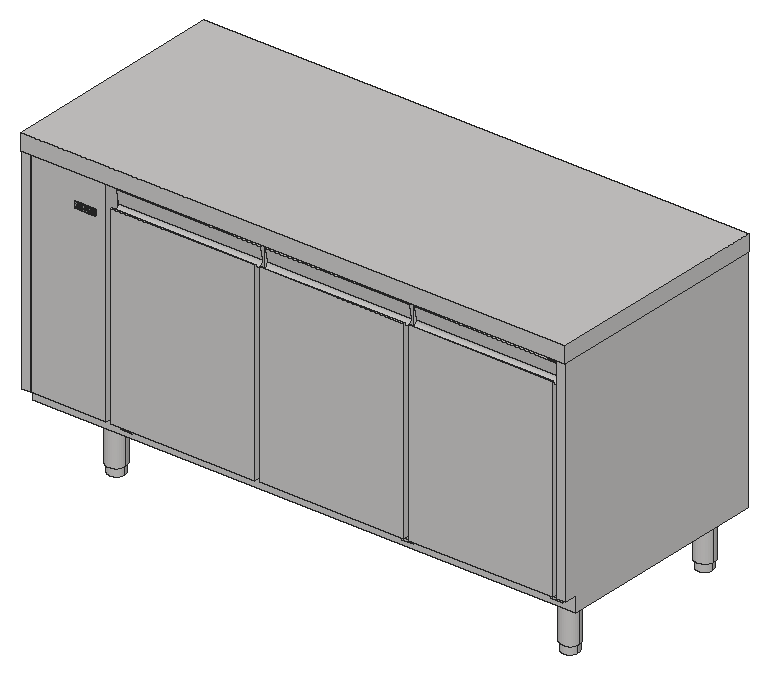
Revit family "QF_ZANUSSI_111072_ZH3FRAAA", category Specialty Equipment, Revit 2018
Family settings
  Round Connector Dimension = Use Diameter
  Part Type = Normal
  Work Plane-Based = No
  Always vertical = Yes
  Cut with Voids When Loaded = No
  Shared = No
  Room Calculation Point = No
Parameters
  Weight = 0.00 kg
  Watts = 0.0092903 W
  Volts = 220 V
  URL Manufacturer = "http://www.zanussiprofessional.com/"
  URL = "http://www.zanussiprofessional.com/"
  Steam Supply Size = 0 mm
  Steam Supply Minimum Pressure = 0.0 Pa
  Steam Supply Maximum Pressure = 0.0 Pa
  Steam Pounds per Hour = 0
  Show Logo [instance] = yes
  Show Clearance [instance] = yes
  Refrigeration Suction Line Size = 0 mm
  Refrigeration Liquid Line Size = 0 mm
  Refrigerant Compressor Remote = yes
  Manufacturer = "Zanussi"
  Phase = 1
  Model = "ZH3FRAAA"
  Length Actual = 1661 mm  # constant formula
  Item Number = "111072"
  Hot Water Size = 0 mm
  Height Actual = 900 mm  # constant formula
  HP = "0.1 HP"
  Gas Size = 0 mm
  Gas KW = 0
  Gas Input Pressure = 0 W
  Description = "3 DOORS FREEZER TABLE 440L-REM"
  Depth Actual = 700 mm  # constant formula
  Cycle = 0 Hz
  Condensate Return Size = 0 mm
  Compressed Air Volume = 0.0 L/s
  Compressed Air Size = 0 mm
  Compressed Air Pressure = 0.0 Pa
  Cold Water Size = 0 mm
  Accessory = yes
Reference planes
  plane 1 "Center X": y = 182.5
  plane 2: z = 0
  plane 3 "Center Y": x = 169.5
  plane 4: y = -62.5
  plane 5: y = 451.5
  plane 6 "BACK": y = 532.5
  plane 7 "FRONT": y = -167.5
  plane 8: x = -452
  plane 9: x = 932
  plane 10: z = 150
  plane 11 "TOP": z = 900
  plane 12: z = 850
  plane 13: x = -659
  plane 14: x = 998
  plane 15 "LEFT": x = -661
  plane 16 "RIGHT": x = 1000
Forms (mm)
  Extrusion 1, solid, material "QF_Finishes_Stainless Steel"
    sketch origin (169.5, 2, 0) x (0, 1, 0) y (0, 0, 1)
      loop
        line (530.5, 150) -> (530.5, 850) -> (-124.5, 850) -> (-124.5, 150) -> (530.5, 150)
    from -828.5 to 828.5
  Extrusion 2, solid, material "QF_Finishes_Stainless Steel"
    sketch origin (-1022.223, -1524, 150) x (-1, 0, 0) y (0, -1, 0)
      loop
        line (-363.223, -1361.5) -> (-388.223, -1361.5) -> (-388.223, -1401.5) -> (-363.223, -1401.5) -> (-363.223, -1361.5)
      loop
        line (-2020.223, -1401.5) -> (-1995.223, -1401.5) -> (-1995.223, -1361.5) -> (-2020.223, -1361.5) -> (-2020.223, -1401.5)
    from 47 to 700
  Extrusion 3, solid, material "QF_Finishes_Stainless Steel"
    sketch origin (0, 0, 900) x (-1, 0, 0) y (0, -1, 0)
      loop
        circle (-284, -94.5) r 8.45
    from -790.577 to -750
  Extrusion 4, solid, material "QF_Finishes_Stainless Steel"
    sketch origin (0, 0, 0) x (1, 0, 0) y (0, 1, 0)
      loop
        circle (-594, 207.5) r 8.45
    from 127.77 to 150
  Extrusion 5, solid, material "QF_Finishes_Stainless Steel"
    sketch origin (0, 0, 0) x (1, 0, 0) y (0, 1, 0)
      loop
        circle (-578, 162.5) r 4.75
    from 347 to 367
  Extrusion 6, solid, material "QF_Finishes_Stainless Steel"
    sketch origin (0, 0, 0) x (1, 0, 0) y (0, 1, 0)
      loop
        circle (-531, 4.5) r 4
    from 709 to 729
  Extrusion 7, solid, material "QF_Finishes_Stainless Steel"
    sketch origin (0, 0, 0) x (1, 0, 0) y (0, 1, 0)
      loop
        circle (-553, 159.5) r 4
    from 397 to 417
  Extrusion 8, solid, material "QF_Finishes_Stainless Steel"
    sketch origin (169.5, 0, 0) x (0, 1, 0) y (0, 0, 1)
      loop
        line (-167.5, 900) -> (-167.5, 850) -> (532.5, 850) -> (532.5, 900) -> (-167.5, 900)
    from -830.5 to 830.5
Cuts and joins
  joined: Extrusion 1, Extrusion 2
Lines and regions (mm)
  symbolic lines, style "SpecialityEquipmentHiddenLines"
    curve 1: line (-661, -122.5, 900) -> (1000, -122.5, 900)
    curve 2: line (-396, -167.5, 900) -> (-396, -122.5, 900)
  symbolic lines, style "SpecialityEquipment"
    curve 3: line (-661, 532.5, 900) -> (1000, 532.5, 900)
    curve 4: line (-661, 532.5, 900) -> (-661, -167.5, 900)
    curve 5: line (-661, -167.5, 900) -> (1000, -167.5, 900)
    curve 6: line (1000, -167.5, 900) -> (1000, 532.5, 900)
Dimensions and locks
  locked: plane 6 "BACK" to plane 7 "FRONT" at 700
  equal spacing: plane 6 "BACK", plane 1 "Center X", plane 7 "FRONT"
  locked: plane 6 "BACK" to plane 5 at 81
  plane 10 to level = 150 mm
  plane 11 "TOP" to plane 12 to plane 10 = 50 mm locked, 700 mm locked
  locked: Extrusion 2 sketch curve to Extrusion 2 sketch curve at 25  (x2)
  locked: plane 4 to plane 7 "FRONT" at 105
  locked: plane 6 "BACK" to Extrusion 3 sketch curve at 438
  equal spacing: plane 13, plane 3 "Center Y", plane 14
  plane 15 "LEFT" to plane 16 "RIGHT" = 1661 mm
  locked: plane 13 to plane 8 at 207
  locked: plane 9 to plane 14 at 66
  locked: Extrusion 3 sketch curve to plane 14 at 714
  plane 6 "BACK" to Extrusion 4 sketch curve = 325 mm
  locked: plane 13 to Extrusion 4 sketch curve at 65
  locked: plane 13 to Extrusion 7 sketch curve at 106
  locked: plane 6 "BACK" to Extrusion 7 sketch curve at 373
  locked: plane 6 "BACK" to Extrusion 5 sketch curve at 370
  locked: plane 13 to Extrusion 5 sketch curve at 81
  plane 13 to Extrusion 6 sketch curve = 128 mm
  plane 6 "BACK" to Extrusion 6 sketch curve = 528 mm
  locked: plane 10 to Extrusion 4 at 22.23
  cut or joined group of Extrusion 1, Extrusion 2 to Extrusion 5 to Extrusion 5 to Extrusion 7 to Extrusion 7 to Extrusion 6 to Extrusion 6 = 197 mm locked, 20 mm locked, 30 mm locked, 20 mm locked, 292 mm locked, 20 mm locked
  aligned and locked: level to plane 2
  aligned and locked: plane 10 to Extrusion 3
  aligned and locked: nested 4 to plane 4
  aligned and locked: nested 1 to plane 4
  aligned and locked: nested 3 to plane 5
  aligned and locked: nested 2 to plane 5
  aligned and locked: plane 8 to nested 1
  aligned and locked: plane 8 to nested 2
  aligned and locked: plane 9 to nested 4
  aligned and locked: plane 9 to nested 3
  aligned and locked: Extrusion 1 to Extrusion 2
  aligned and locked: Extrusion 2 to Extrusion 1
  aligned and locked: Extrusion 2 sketch curve to plane 14
  aligned and locked: plane 13 to Extrusion 2 sketch curve
  aligned and locked: cut or joined group of Extrusion 1, Extrusion 2 to plane 10
  aligned and locked: plane 12 to cut or joined group of Extrusion 1, Extrusion 2
  aligned and locked: plane 10 to Extrusion 4
  aligned and locked: plane 16 "RIGHT" to curve 6
  aligned and locked: Extrusion 8 sketch curve to plane 11 "TOP"
  aligned and locked: plane 7 "FRONT" to Extrusion 8 sketch curve
  aligned and locked: Extrusion 8 sketch curve to cut or joined group of Extrusion 1, Extrusion 2  (x2)
  aligned and locked: Extrusion 8 to curve 3
  aligned and locked: plane 16 "RIGHT" to Extrusion 8
Automatic sketch dimensions
  Extrusion 1 sketch curve to plane 10 = 0 mm
  Extrusion 1 sketch curve to plane 12 = 0 mm
  Extrusion 1 sketch curve to plane 6 "BACK" = 0 mm
  plane 7 "FRONT" to Extrusion 1 sketch curve = 45 mm
  plane 7 "FRONT" to Extrusion 2 sketch curve = 45 mm  (x2)
  plane 7 "FRONT" to Extrusion 2 sketch curve = 5 mm  (x2)
  curve 6 to plane 6 "BACK" = 0 mm
  curve 2 to plane 7 "FRONT" = 0 mm
  plane 8 to curve 2 = 56 mm
  curve 1 to curve 4 = 45 mm
  radius of Extrusion 3 sketch curve = 8.45 mm
  radius of Extrusion 4 sketch curve = 8.45 mm
  radius of Extrusion 5 sketch curve = 4.75 mm
  radius of Extrusion 6 sketch curve = 4 mm
  radius of Extrusion 7 sketch curve = 4 mm
Nested families
  nested 1: "Foot_Ø50_H150" at (-452, -62.5, 0), type "Foot_Ø50_H150"
  nested 2: "Foot_Ø50_H150" at (-452, 451.5, 0), type "Foot_Ø50_H150"
  nested 3: "Foot_Ø50_H150" at (932, 451.5, 0), type "Foot_Ø50_H150"
  nested 4: "Foot_Ø50_H150" at (932, -62.5, 0), type "Foot_Ø50_H150"
  nested 5: "ZAN_Cooling Unit_Remote" at (-518.5, -164.5, 0), Show Logo <- "Show Logo", type "ZAN_Cooling Unit_Remote"
  nested 6: "Door" at (285, -164.5, 0), Show Clearance <- "Show Clearance", type "Door"
  nested 7: "Door" at (-169, -164.5, 0) x (-1, 0, 0) z (0, 0, 1), Show Clearance <- "Show Clearance", type "Door"
  nested 8: "Freezer" at (998, -167.5, 900), type "Freezer"
  nested 9: "Door" at (739, -164.5, 0), Show Clearance <- "Show Clearance", type "Door"
Connectors
  piping at (-594, 207.5, 127.77), diameter 17
    settings: on Extrusion 4, index 1, connector inside diameter 609.6 mm, connector length 0 mm, flow factor 0, pipe flow 0.0 L/s, pressure drop 0.0 Pa, fitting loss kfactor 0, connector angle 0.00°, fixture units 0, engagement length 0 mm, angle of deflection 0.00°, flow configuration 1, flow direction 2, fitting loss method 0, system type 16, joint type 0, gender type 0, connector reference index -1, connector utility 0, adjustable connector no, is connector primary yes, connector description "Drain"
  piping at (-578, 162.5, 347), diameter 2895.6
    settings: on Extrusion 5, index 2, connector inside diameter 609.6 mm, connector length 0 mm, flow factor 0, pipe flow 0.0 L/s, pressure drop 0.0 Pa, fitting loss kfactor 0, connector angle 0.00°, fixture units 0, engagement length 0 mm, angle of deflection 0.00°, flow configuration 1, flow direction 2, fitting loss method 0, system type 8, joint type 0, gender type 0, connector reference index -1, connector utility 0, adjustable connector no, is connector primary no, connector description "Refrigerant Outlet"
  piping at (-553, 159.5, 397), diameter 2438.4
    settings: on Extrusion 7, index 3, connector inside diameter 609.6 mm, connector length 0 mm, flow factor 0, pipe flow 0.0 L/s, pressure drop 0.0 Pa, fitting loss kfactor 0, connector angle 0.00°, fixture units 0, engagement length 0 mm, angle of deflection 0.00°, flow configuration 1, flow direction 1, fitting loss method 0, system type 7, joint type 0, gender type 0, connector reference index -1, connector utility 0, adjustable connector no, is connector primary no, connector description "Refrigerant Inlet"
  electrical at (-531, 4.5, 709)
    settings: on Extrusion 6, index 4, voltage 0 V, apparent load 0 VA, apparent load phase1 0 VA, apparent load phase2 0 VA, apparent load phase3 0 VA, power factor 1, load classification "Altro", number of poles 1, system type 30, power factor state 1, is connector primary yes, connector utility no, sub classification motor no, connector description "Electrical Connection"
  piping at (284, 94.5, 109.423), diameter 17
    settings: on Extrusion 3, index 5, connector inside diameter 609.6 mm, connector length 0 mm, flow factor 0, pipe flow 0.0 L/s, pressure drop 0.0 Pa, fitting loss kfactor 0, connector angle 0.00°, fixture units 0, engagement length 0 mm, angle of deflection 0.00°, flow configuration 1, flow direction 2, fitting loss method 0, system type 16, joint type 0, gender type 0, connector reference index -1, connector utility 0, adjustable connector no, is connector primary no, connector description "Drain"
Definition of nested family "Foot_Ø50_H150"
  Reference planes
    plane 1 "Centro (Fronte/Retro)": y = 0
    plane 2: z = 0
    plane 3 "Centro (Sinistra/Destra)": x = 0
    plane 4: z = 150
  Forms (mm)
    Revolve 1, solid
      sketch origin (255.05, 0, 608.09) x (0, 0, 1) y (-1, 0, 0)
        loop
          line (-608.09, 255.05) -> (-608.09, 230.05) -> (-583.09, 230.05) -> (-583.09, 226.05) -> (-458.09, 226.05) -> (-458.09, 255.05) -> (-608.09, 255.05)
        axis (-608.09, 255.05) -> (-458.09, 255.05)
      angle from 0 to 360
  Dimensions and locks
    locked: Revolve 1 sketch curve to Revolve 1 sketch curve at 125
    aligned and locked: level to plane 2
    aligned and locked: plane 4 to Revolve 1 sketch curve
    aligned and locked: Revolve 1 sketch curve to level
    aligned and locked: plane 3 "Centro (Sinistra/Destra)" to Revolve 1 sketch curve
Definition of nested family "ZAN_Cooling Unit_Remote"
  Parameters
    Show Logo [instance] = yes
  Reference planes
    plane 1 "FRONT": y = -3
    plane 2: z = 0
    plane 3 "Centro (Sinistra/Destra)": x = 0
    plane 4: z = 150
    plane 5: z = 850
    plane 6: x = -115.5
    plane 7: x = 115.5
  Forms (mm)
    Extrusion 1, solid
      sketch origin (0, 55, 511) x (0, 0, 1) y (0, -1, 0)
        loop
          line (-314, 53) -> (-314, 13) -> (339, 13) -> (339, 53) -> (-314, 53)
      from -115.5 to 115.5
  Lines and regions (mm)
    Split face 1
      outline origin (0, 2, 197) x (0, 0, 1) y (-1, 0, 0)
        loop
          line (622.361, 88.738) -> (620.361, 90.738) -> (551.361, 90.738) -> (549.361, 88.738) -> (549.361, -88.738) -> (551.361, -90.738) -> (620.361, -90.738) -> (622.361, -88.738) -> (622.361, 88.738)
    Split face 2
      outline origin (0, 2, 197) x (0, 0, 1) y (-1, 0, 0)
        loop
          line (594.861, 71.967) -> (576.861, 71.967) -> (576.861, 6.967) -> (594.861, 6.967) -> (594.861, 71.967)
    Split face 3
      outline origin (0, 2, 197) x (0, 0, 1) y (-1, 0, 0)
        loop
          spline (549.361, 14.392) -> (554.282, 6.98) -> (559.415, 0.36) -> (564.759, -5.468) -> (570.314, -10.504) -> (576.08, -14.748) -> (582.058, -18.199) -> (588.247, -20.859) -> (594.647, -22.726) -> (601.259, -23.801) -> (608.081, -24.084) -> (615.115, -23.575) -> (622.361, -22.274)
        loop
          spline (549.361, 2.362) -> (555.285, -3.356) -> (561.239, -8.428) -> (567.221, -12.855) -> (573.232, -16.635) -> (579.272, -19.769) -> (585.341, -22.257) -> (591.439, -24.099) -> (597.565, -25.295) -> (603.721, -25.845) -> (609.905, -25.749) -> (616.118, -25.007) -> (622.361, -23.619)
  Dimensions and locks
    aligned and locked: level to plane 2
  Nested families
    nested 1: "ZAN_Logo_XS_Grey" at (52.418, 2, 758.75) x (1, 0, 0) z (0, -1, 0), visible <- "Show Logo", type "ZAN_Logo_XS_Grey"
  Definition of nested family "ZAN_Logo_XS_Grey"
    Parameters
      Default Elevation = 0 mm
    Reference planes
      plane 1 "Centro (Fronte/Retro)": y = 0
      plane 2: z = 0
      plane 3 "Centro (Sinistra/Destra)": x = 0
    Forms (mm)
      Extrusion 1, solid
        sketch origin (0, 0, 0) x (1, 0, 0) y (0, 1, 0)
          loop
            line (-1219.2, 1219.2) -> (-1219.2, -1219.2) -> (1219.2, -1219.2) -> (1219.2, 1219.2) -> (-1219.2, 1219.2)
        from 0 to -304.8
      Extrusion 2, solid
        sketch origin (17.793, -46.218, 0) x (-1, 0, 0) y (0, -1, 0)
          loop
            spline (1.911, -54.793) -> (2.402, -54.973) -> (2.91, -55.105) -> (3.43, -55.191) -> (3.955, -55.229) -> (4.482, -55.219) -> (5.006, -55.161) -> (5.521, -55.054) -> (6.022, -54.898) -> (6.506, -54.693) -> (6.966, -54.438) -> (7.398, -54.133) -> (7.797, -53.778)
            spline (7.797, -53.778) -> (8.033, -53.407) -> (8.237, -53.008) -> (8.407, -52.586) -> (8.544, -52.147) -> (8.65, -51.697) -> (8.723, -51.241) -> (8.764, -50.785) -> (8.774, -50.335) -> (8.753, -49.897) -> (8.701, -49.475) -> (8.619, -49.075) -> (8.507, -48.704)
            line (8.507, -48.704) -> (6.883, -46.37) -> (5.158, -44.848) -> (3.027, -42.716)
            spline (3.027, -42.716) -> (3.002, -42.56) -> (2.979, -42.398) -> (2.962, -42.23) -> (2.952, -42.059) -> (2.951, -41.886) -> (2.963, -41.714) -> (2.99, -41.545) -> (3.034, -41.378) -> (3.098, -41.218) -> (3.184, -41.065) -> (3.295, -40.921) -> (3.433, -40.788)
            line (3.433, -40.788) -> (4.752, -40.687)
            spline (4.752, -40.687) -> (4.999, -40.855) -> (5.185, -41.053) -> (5.32, -41.275) -> (5.41, -41.518) -> (5.463, -41.775) -> (5.488, -42.044) -> (5.491, -42.319) -> (5.481, -42.596) -> (5.466, -42.87) -> (5.452, -43.137) -> (5.448, -43.392) -> (5.462, -43.63)
            line (5.462, -43.63) -> (9.014, -43.63)
            spline (9.014, -43.63) -> (9.056, -43.199) -> (9.08, -42.769) -> (9.084, -42.342) -> (9.067, -41.92) -> (9.027, -41.503) -> (8.964, -41.093) -> (8.875, -40.691) -> (8.759, -40.3) -> (8.615, -39.919) -> (8.441, -39.552) -> (8.237, -39.198) -> (7.999, -38.86)
            spline (7.999, -38.86) -> (7.708, -38.596) -> (7.394, -38.361) -> (7.059, -38.155) -> (6.707, -37.977) -> (6.338, -37.828) -> (5.957, -37.706) -> (5.565, -37.612) -> (5.165, -37.545) -> (4.76, -37.504) -> (4.351, -37.491) -> (3.942, -37.503) -> (3.534, -37.541)
            spline (3.534, -37.541) -> (3.104, -37.608) -> (2.677, -37.709) -> (2.258, -37.842) -> (1.85, -38.007) -> (1.459, -38.203) -> (1.086, -38.429) -> (0.737, -38.685) -> (0.415, -38.969) -> (0.123, -39.282) -> (-0.133, -39.622) -> (-0.35, -39.989) -> (-0.525, -40.383)
            spline (-0.525, -40.383) -> (-0.633, -40.866) -> (-0.704, -41.352) -> (-0.738, -41.837) -> (-0.736, -42.318) -> (-0.698, -42.794) -> (-0.627, -43.262) -> (-0.521, -43.719) -> (-0.382, -44.164) -> (-0.211, -44.592) -> (-0.008, -45.003) -> (0.226, -45.394) -> (0.49, -45.761)
            line (0.49, -45.761) -> (4.549, -49.414) -> (5.056, -50.023) -> (5.259, -51.647) -> (4.042, -52.256) -> (3.027, -51.546) -> (2.925, -49.414) -> (-0.424, -49.414) -> (-0.22, -52.865)
            spline (-0.22, -52.865) -> (-0.13, -53.068) -> (-0.013, -53.268) -> (0.127, -53.466) -> (0.287, -53.658) -> (0.464, -53.843) -> (0.655, -54.019) -> (0.856, -54.185) -> (1.065, -54.338) -> (1.278, -54.478) -> (1.492, -54.601) -> (1.704, -54.707) -> (1.911, -54.793)
          loop
            spline (-10.267, -52.966) -> (-9.987, -53.421) -> (-9.658, -53.822) -> (-9.284, -54.17) -> (-8.873, -54.466) -> (-8.429, -54.711) -> (-7.959, -54.907) -> (-7.467, -55.054) -> (-6.96, -55.154) -> (-6.443, -55.207) -> (-5.922, -55.214) -> (-5.402, -55.178) -> (-4.889, -55.098)
            spline (-4.889, -55.098) -> (-4.532, -55.03) -> (-4.176, -54.93) -> (-3.825, -54.799) -> (-3.483, -54.639) -> (-3.156, -54.45) -> (-2.847, -54.235) -> (-2.561, -53.994) -> (-2.303, -53.729) -> (-2.077, -53.442) -> (-1.889, -53.134) -> (-1.742, -52.805) -> (-1.641, -52.459)
            spline (-1.641, -52.459) -> (-1.485, -51.997) -> (-1.371, -51.525) -> (-1.299, -51.049) -> (-1.269, -50.572) -> (-1.282, -50.098) -> (-1.337, -49.63) -> (-1.434, -49.173) -> (-1.574, -48.73) -> (-1.756, -48.306) -> (-1.98, -47.904) -> (-2.246, -47.528) -> (-2.555, -47.182)
            line (-2.555, -47.182) -> (-6.31, -43.833) -> (-7.121, -42.615)
            spline (-7.121, -42.615) -> (-7.146, -42.461) -> (-7.169, -42.304) -> (-7.188, -42.144) -> (-7.2, -41.984) -> (-7.204, -41.823) -> (-7.198, -41.664) -> (-7.178, -41.506) -> (-7.144, -41.352) -> (-7.093, -41.202) -> (-7.023, -41.058) -> (-6.932, -40.919) -> (-6.817, -40.788)
            line (-6.817, -40.788) -> (-5.802, -40.585)
            spline (-5.802, -40.585) -> (-5.443, -40.671) -> (-5.17, -40.818) -> (-4.971, -41.02) -> (-4.836, -41.266) -> (-4.753, -41.547) -> (-4.711, -41.854) -> (-4.699, -42.178) -> (-4.705, -42.51) -> (-4.718, -42.84) -> (-4.726, -43.16) -> (-4.719, -43.46) -> (-4.686, -43.731)
            line (-4.686, -43.731) -> (-1.134, -43.63)
            spline (-1.134, -43.63) -> (-1.09, -43.193) -> (-1.063, -42.747) -> (-1.055, -42.296) -> (-1.07, -41.845) -> (-1.112, -41.396) -> (-1.185, -40.953) -> (-1.291, -40.522) -> (-1.435, -40.104) -> (-1.619, -39.705) -> (-1.848, -39.329) -> (-2.125, -38.978) -> (-2.453, -38.657)
            spline (-2.453, -38.657) -> (-2.873, -38.351) -> (-3.319, -38.09) -> (-3.785, -37.876) -> (-4.269, -37.706) -> (-4.765, -37.582) -> (-5.269, -37.503) -> (-5.778, -37.468) -> (-6.287, -37.477) -> (-6.792, -37.53) -> (-7.288, -37.626) -> (-7.771, -37.765) -> (-8.238, -37.947)
            spline (-8.238, -37.947) -> (-8.443, -38.033) -> (-8.65, -38.14) -> (-8.858, -38.264) -> (-9.065, -38.405) -> (-9.269, -38.562) -> (-9.468, -38.733) -> (-9.661, -38.917) -> (-9.846, -39.112) -> (-10.022, -39.317) -> (-10.185, -39.53) -> (-10.335, -39.751) -> (-10.47, -39.977)
            spline (-10.47, -39.977) -> (-10.65, -40.464) -> (-10.783, -40.962) -> (-10.87, -41.467) -> (-10.91, -41.976) -> (-10.904, -42.487) -> (-10.851, -42.996) -> (-10.752, -43.501) -> (-10.606, -43.998) -> (-10.413, -44.486) -> (-10.174, -44.961) -> (-9.889, -45.421) -> (-9.557, -45.863)
            line (-9.557, -45.863) -> (-5.295, -49.719) -> (-4.787, -51.038) -> (-5.193, -52.053) -> (-6.107, -52.256) -> (-7.121, -51.546) -> (-7.223, -49.516) -> (-10.673, -49.414)
            spline (-10.673, -49.414) -> (-10.656, -49.721) -> (-10.65, -50.03) -> (-10.653, -50.341) -> (-10.658, -50.651) -> (-10.662, -50.96) -> (-10.661, -51.267) -> (-10.648, -51.569) -> (-10.621, -51.865) -> (-10.573, -52.154) -> (-10.502, -52.435) -> (-10.401, -52.706) -> (-10.267, -52.966)
          loop
            line (-11.282, -37.541) -> (-14.834, -37.541) -> (-14.834, -54.894) -> (-11.282, -54.894) -> (-11.282, -37.541)
          loop
            line (15.205, -41.702) -> (15.205, -54.894) -> (18.757, -54.894) -> (18.757, -43.224) -> (18.554, -40.383)
            arc (18.554, -40.383) -> (17.093, -38.328) -> (14.698, -37.541) r 4.037
            line (14.698, -37.541) -> (13.074, -37.541) -> (12.262, -37.744)
            arc (12.262, -37.744) -> (10.306, -39.004) -> (9.522, -41.194) r 3.619
            line (9.522, -41.194) -> (9.522, -54.894) -> (13.074, -54.894) -> (13.074, -42.006) -> (13.479, -41.093) -> (14.596, -40.991) -> (15.205, -41.702)
          loop
            line (19.569, -54.894) -> (22.816, -54.894) -> (22.816, -43.833) -> (25.759, -54.894) -> (29.514, -54.894) -> (29.514, -37.541) -> (26.368, -37.541) -> (26.368, -49.008) -> (23.425, -37.541) -> (19.569, -37.541) -> (19.569, -54.894)
          loop
            line (41.184, -54.894) -> (50.013, -54.894) -> (50.013, -51.647) -> (45.345, -51.749) -> (50.419, -41.093) -> (50.419, -37.541) -> (41.184, -37.541) -> (41.184, -41.093) -> (46.511, -41.093) -> (41.184, -51.952) -> (41.184, -54.894)
          loop
            line (32.964, -54.894) -> (37.835, -54.894) -> (40.981, -37.541) -> (37.328, -37.541) -> (36.821, -40.89) -> (33.878, -40.89) -> (33.37, -37.541) -> (29.717, -37.541) -> (32.964, -54.894)
          loop
            line (36.415, -44.036) -> (34.385, -44.036) -> (35.4, -51.928) -> (36.415, -44.036)
        from 0 to 1.644
    Dimensions and locks
      aligned and locked: plane 2 to Extrusion 1
      aligned and locked: level to Extrusion 1
Definition of nested family "Door"
  Parameters
    Show Clearance [instance] = yes
  Reference planes
    plane 1 "FRONT": y = -3
    plane 2: z = 0
    plane 3 "Centro (Sinistra/Destra)": x = 0
    plane 4: z = 150
    plane 5: z = 850
    plane 6: x = -234
    plane 7: x = 234
    plane 8: x = -220
    plane 9: x = 220
  Forms (mm)
    Extrusion 1, solid
      sketch origin (0, 53, 511) x (0, 0, 1) y (0, -1, 0)
        loop
          line (-323.003, 28.5) -> (-316.501, 28.5) -> (-316.501, 31) -> (-325.503, 31) -> (-325.503, 13.5) -> (-345.503, 13.5) -> (-345.503, 11) -> (-323.003, 11) -> (-323.003, 23.259) -> (-323.003, 28.5)
        loop
          line (-314, 27) -> (-316.501, 27) -> (-316.501, 18.501) -> (-319.752, 18.501) -> (-319.752, 16) -> (-314, 16) -> (-314, 27)
        loop
          line (315.003, 27) -> (315.003, 13.948) -> (315.003, 11) -> (327.503, 11) -> (327.503, 13.5) -> (317.503, 13.5) -> (317.503, 27) -> (315.003, 27)
      from 185 to 220
    Extrusion 2, solid, visible <- "Show Clearance", detail levels coarse
      sketch origin (0, 53, 511) x (0, -1, 0) y (1, 0, 0)
        loop
          line (51, 220) -> (51, -220)
          arc (51, -220) -> (339.234, -79.44) -> (454, 220) r 437.168
          line (454, 220) -> (51, 220)
      from -314 to 314
    Extrusion 3, solid
      sketch origin (0, 55, 511) x (0, 0, 1) y (0, -1, 0)
        loop
          line (314, 18) -> (314, 29) -> (274.395, 22.5)
          arc (274.395, 22.5) -> (260.395, 36.5) -> (274.395, 50.5) r 14
          line (274.395, 50.5) -> (274.395, 53) -> (-314, 53) -> (-314, 18) -> (314, 18)
      from -220 to 220
  Lines and regions (mm)
    symbolic lines
      curve 1: line (220, -3, 0) -> (220, -401, 0)
      curve 2: line (220, -401, 0) -> (185, -401, 0)
      curve 3: line (185, -401, 0) -> (185, -3, 0)
      curve 4: arc (-219.722, -3, 0) -> (-89.51, -275.368, 0) -> (185, -401, 0) r 442.855
  Dimensions and locks
    aligned and locked: level to plane 2
Definition of nested family "Freezer"
  Reference planes
    plane 1 "Center (Front/Back)": y = 0
    plane 2: z = 0
    plane 3 "Center (Left/Right)": x = 0
  Lines and regions (mm)
    detail lines, in view "Ref. Level"
      curve 1: spline (-500, 190, 0) -> (-493.185, 166.706, 0) -> (-473.205, 145, 0) -> (-441.421, 126.36, 0) -> (-400, 112.058, 0) -> (-351.764, 103.067, 0) -> (-300, 100, 0) -> (-248.236, 103.067, 0) -> (-200, 112.058, 0) -> (-158.579, 126.36, 0) -> (-126.795, 145, 0) -> (-106.815, 166.706, 0) -> (-100, 190, 0) -> (-106.815, 213.294, 0) -> (-126.795, 235, 0) -> (-158.579, 253.64, 0) -> (-200, 267.942, 0) -> (-248.236, 276.933, 0) -> (-300, 280, 0) -> (-351.764, 276.933, 0) -> (-400, 267.942, 0) -> (-441.421, 253.64, 0) -> (-473.205, 235, 0) -> (-493.185, 213.294, 0) -> (-500, 190, 0)
      curve 2: line (-220, 130, 0) -> (-220, 250, 0)
      curve 3: line (-271.962, 220, 0) -> (-168.038, 160, 0)
      curve 4: line (-271.962, 160, 0) -> (-168.038, 220, 0)
      curve 5: line (-200.884, 246.873, 0) -> (-220, 225, 0)
      curve 6: line (-220, 225, 0) -> (-239.116, 246.873, 0)
      curve 7: line (-250.311, 207.5, 0) -> (-260, 235.883, 0)
      curve 8: line (-279.736, 201.7, 0) -> (-250.311, 207.5, 0)
      curve 9: line (-250.311, 172.5, 0) -> (-279.736, 178.3, 0)
      curve 10: line (-260, 144.117, 0) -> (-250.311, 172.5, 0)
      curve 11: line (-220, 155, 0) -> (-239.116, 133.127, 0)
      curve 12: line (-200.884, 133.127, 0) -> (-220, 155, 0)
      curve 13: line (-189.689, 172.5, 0) -> (-180.304, 145.008, 0)
      curve 14: line (-161.188, 178.118, 0) -> (-189.689, 172.5, 0)
      curve 15: line (-189.689, 207.5, 0) -> (-161.188, 201.882, 0)
      curve 16: line (-180.304, 234.992, 0) -> (-189.689, 207.5, 0)
      curve 17: line (-380, 130, 0) -> (-380, 250, 0)
      curve 18: line (-431.962, 220, 0) -> (-328.038, 160, 0)
      curve 19: line (-431.962, 160, 0) -> (-328.038, 220, 0)
      curve 20: line (-360.884, 246.873, 0) -> (-380, 225, 0)
      curve 21: line (-380, 225, 0) -> (-399.116, 246.873, 0)
      curve 22: line (-410.311, 207.5, 0) -> (-419.696, 234.992, 0)
      curve 23: line (-438.812, 201.882, 0) -> (-410.311, 207.5, 0)
      curve 24: line (-410.311, 172.5, 0) -> (-438.812, 178.118, 0)
      curve 25: line (-419.696, 145.008, 0) -> (-410.311, 172.5, 0)
      curve 26: line (-380, 155, 0) -> (-399.116, 133.127, 0)
      curve 27: line (-360.884, 133.127, 0) -> (-380, 155, 0)
      curve 28: line (-349.689, 172.5, 0) -> (-340, 144.117, 0)
      curve 29: line (-320.264, 178.3, 0) -> (-349.689, 172.5, 0)
      curve 30: line (-349.689, 207.5, 0) -> (-320.264, 201.7, 0)
      curve 31: line (-340, 235.883, 0) -> (-349.689, 207.5, 0)
